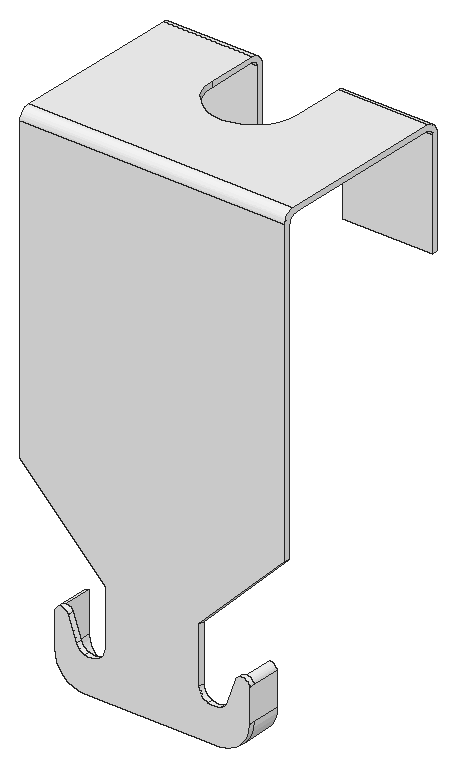
Revit family "sclip_50", category 機械設備, Revit 2022
Family settings
  丸型コネクタ寸法 = 直径を使用
  種別 = なし
  パーツ タイプ = 標準
  作業面ベース = いいえ
  常に垂直 = はい
  ロード時にボイドで切り取り = いいえ
  注釈の向きを維持 = いいえ
  共有 = いいえ
  部屋計算ポイント = いいえ
Parameters
  製造元 = "株式会社桐井製作所"
  既定の高さ = 0 mm
  URL = "https://www.kirii.co.jp/"
  K_品名 = "特殊50mmSクリップ"
  K_名称 = "特殊クリップ"
  K_入数 = "1000"
  K_バージョン情報 = "20211012"
Reference planes
  plane 1 "中心(正面/背面)": y = 0
  plane 2: z = 0
  plane 3 "中心(左/右)": x = 0
Forms (mm)
  Extrusion 1, solid
    sketch origin (0, 30, 0) x (0, 1, 0) y (0, 0, 1)
      loop
        line (-30, 0) -> (-29.4, -0.6) -> (-29.4, 56.75)
        arc (-29.4, 56.75) -> (-29.034, 57.634) -> (-28.15, 58) r 1.25
        line (-28.15, 58) -> (-9, 58)
        arc (-9, 58) -> (-8.54, 57.81) -> (-8.35, 57.35) r 0.65
        line (-8.35, 57.35) -> (-8.35, 44.25) -> (-7.75, 44.85) -> (-7.75, 57.35)
        arc (-7.75, 57.35) -> (-8.116, 58.234) -> (-9, 58.6) r 1.25
        line (-9, 58.6) -> (-28.75, 58.6)
        arc (-28.75, 58.6) -> (-29.634, 58.234) -> (-30, 57.35) r 1.25
        line (-30, 57.35) -> (-30, 0)
    from -15.5 to 15.5
  Extrusion 2, void
    sketch origin (0, -0.6, -0.8) x (0, 1, 0) y (0, 0, 1)
      loop
        line (0.387, 0.8) -> (0.387, -0.064) -> (1.428, -0.064) -> (1.428, 0.8) -> (0.387, 0.8)
    from -15.5 to 15.5
  Extrusion 3, void
    sketch origin (0, 0, 0) x (1, 0, 0) y (0, 0, 1)
      loop
        line (5.5, 12) -> (5.5, 5.5)
        arc (5.5, 5.5) -> (5.772, 4.638) -> (6.491, 4.089) r 1.5
        arc (6.491, 4.089) -> (7.179, 3.962) -> (7.871, 4.065) r 2.139
        arc (7.871, 4.065) -> (8.474, 4.417) -> (8.852, 5.004) r 1.5
        line (8.852, 5.004) -> (9.759, 7.598)
        arc (9.759, 7.598) -> (10.659, 8.159) -> (11.4, 7.4) r 0.846
        line (11.4, 7.4) -> (11.4, 3.5)
        arc (11.4, 3.5) -> (10.375, 1.025) -> (7.9, 0) r 3.5
        line (7.9, 0) -> (15.5, 0) -> (15.5, 22) -> (5.5, 12)
      loop
        line (-5.5, 12) -> (-15.5, 22) -> (-15.5, 0) -> (-7.9, 0)
        arc (-7.9, 0) -> (-10.375, 1.025) -> (-11.4, 3.5) r 3.5
        line (-11.4, 3.5) -> (-11.4, 7.4)
        arc (-11.4, 7.4) -> (-10.659, 8.159) -> (-9.759, 7.598) r 0.846
        line (-9.759, 7.598) -> (-8.852, 5.004)
        arc (-8.852, 5.004) -> (-8.474, 4.417) -> (-7.871, 4.065) r 1.5
        arc (-7.871, 4.065) -> (-7.179, 3.962) -> (-6.491, 4.089) r 2.139
        arc (-6.491, 4.089) -> (-5.772, 4.638) -> (-5.5, 5.5) r 1.5
        line (-5.5, 5.5) -> (-5.5, 12)
    from -0.6 to 0.455
  Extrusion 4, void
    sketch origin (0, 5.371, 20.076) x (0, 1, 0) y (0, 0, 1)
      loop
        line (15.756, 24.774) -> (15.756, 23.898) -> (16.879, 23.898) -> (16.879, 24.774) -> (15.756, 24.774)
    from -15.5 to 15.5
  Extrusion 5, void
    sketch origin (0, 9.471, 24.971) x (1, 0, 0) y (0, 1, 0)
      loop
        line (-5, 12.779) -> (-5, 5.529)
        arc (-5, 5.529) -> (0, 0.529) -> (5, 5.529) r 5
        line (5, 5.529) -> (5, 12.779) -> (-5, 12.779)
    from 19.002 to 33.629
  Extrusion 6, solid
    sketch origin (0, 0, 0) x (1, 0, 0) y (0, 0, 1)
      loop
        line (11.4, 3.5) -> (11.4, 7.4)
        arc (11.4, 7.4) -> (11.142, 7.931) -> (10.6, 8.164) r 0.846
        line (10.6, 8.164) -> (10.6, 3.5)
        arc (10.6, 3.5) -> (9.809, 1.591) -> (7.9, 0.8) r 2.7
        line (7.9, 0.8) -> (-7.9, 0.8)
        arc (-7.9, 0.8) -> (-9.809, 1.591) -> (-10.6, 3.5) r 2.7
        line (-10.6, 3.5) -> (-10.6, 8.164)
        arc (-10.6, 8.164) -> (-11.142, 7.931) -> (-11.4, 7.4) r 0.846
        line (-11.4, 7.4) -> (-11.4, 3.5)
        arc (-11.4, 3.5) -> (-10.375, 1.025) -> (-7.9, 0) r 3.5
        line (-7.9, 0) -> (7.9, 0)
        arc (7.9, 0) -> (10.375, 1.025) -> (11.4, 3.5) r 3.5
    from -4 to -0.6
Cuts and joins
  Extrusion 2, Extrusion 3, Extrusion 4, Extrusion 5 cuts Extrusion 1
  joined: Extrusion 1, Extrusion 6
Dimensions and locks
  aligned and locked: level to plane 2
